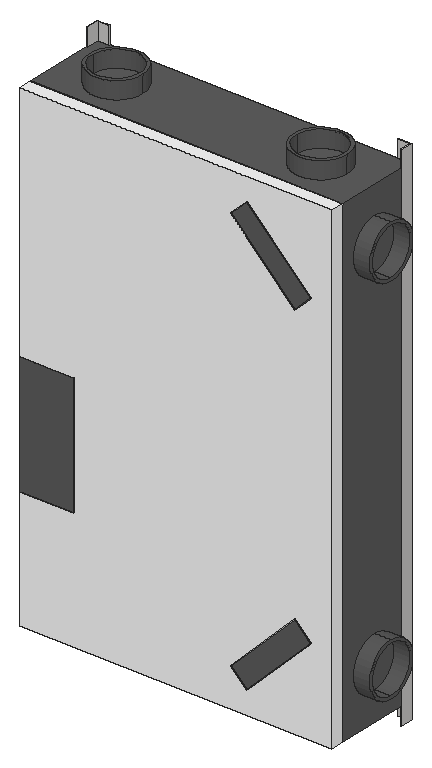
Revit family "result", category Mechanical Equipment, Revit 2022
Family settings
  Round Connector Dimension = Use Radius
  Part Type = Normal
  OmniClass Number = 23.75.00.00
  OmniClass Title = Climate Control (HVAC)
  Work Plane-Based = No
  Always vertical = Yes
  Cut with Voids When Loaded = No
  Maintain Annotation Orientation = No
  Shared = No
  Room Calculation Point = No
Parameters (values of type "-1-ALTAIR 120 H RE  - Heat Recovery Units")
  spRevision = ""
  spPosicion = ""
  spLineaProyectoURL = ""
  spDescripcionProductoEasyvent = ""
  spDescripcionComercialProducto = ""
  spConfiguracionProductoGenerico = ""
  WrappingMaterial = "0"
  WheelTipSpeed = "0"
  WaterConsumptionPerUnit = 0
  Unit = ""
  Throw Distance Medium Velocity = "0"
  Throw Distance Low Velocity = 0 mm
  Throw Distance High Velocity = 0 mm
  SpecialInstructions = ""
  ShaftPowerRate = 0 W
  ResourceDepletionPerUnit = 0
  RadioactiveWastePerUnit = 0
  RadioactiveWaste = 0
  PowerFactor = 0.00%
  PointOfContact = "0"
  OverallEfficiency = "0"
  OperationalCriteria = "0"
  OperationTemperatureRange = "0"
  NonHazardousWastePerUnit = 0
  NonHazardousWaste = 0
  NominalFrequencyRange = 0 Hz
  MotorDriveType = ""
  ModelLabel = "0"
  MeanTimeBetweenFailure = "0"
  MaterialHousing C = Plastic, Formed Black
  MaintenanceUnit = "0"
  MaintenanceTask = "0"
  MaintenanceSpecifications = "0"
  MaintenanceRegulation = "0"
  MaintenanceFrequency = "0"
  MaintenanceCost = 0
  MaintenanceCertificate = "0"
  LifeCyclePhase = "0"
  InertWastePerUnit = 0
  InertWaste = 0
  HazardousWastePerUnit = 0
  HazardousWaste = 0
  FunctionalUnitReference = ""
  FanPowerRate = 0 W
  FanMountingType = ""
  FanEfficiency = "0"
  ExpectedServiceLife = "0"
  Exclusions = "0"
  EfficiencyCurve = "0"
  DischargeVelocity = 0.0 m/s
  DischargeType = ""
  Default Elevation = 0 mm
  CapacityControlType = ""
  BatchReference = ""
  BIMElementVersion = "1.0"
  Uniclass2.0Titulo = ""
  Uniclass2.0Codigo = ""
  UNSPSCTitulo = "Fans"  # constant formula
  UNSPSCCodigo = "40101604"  # constant formula
  PackingCareType = "0"
  ContactTelephone = "0"
  DrivePowerLoss = 0 W
  PJ = 78 mm
  PII = 170 mm
  PH = 30 mm
  PG = 850 mm
  PCUT_INT2 = PD - 10 mm  # 84 mm
  OmniclassTitulo = "Fans"  # constant formula
  OmniclassCodigo = "23-33 31 19"  # constant formula
  SerialNumber = "0"
  NumeroArticuloGlobalComercial = ""
  AssemblyPlace = "0"
  ArticleNumber = "0"
  Support Bracket Material = Steel, Galvanized
  Material Conector Bornes = Plastic, Formed white
  MaterialHousing B = Steel, Galvanized painted black
  Material Carcasa = Steel, Galvanized painted white
  MasterformatTitulo = "Heating, Ventilating, and Air Conditioning (HVAC)"  # constant formula
  MasterformatCodigo = "23 00 00"  # constant formula
  IndiceFlujoNominal = 0.0 L/s
  IFCClassification = "Fans"  # constant formula
  IsExtendedWarranty = no
  PhotochemicalOzoneFormationPerUnit = 0
  PhotochemicalOzoneFormation = 0
  InstallationDate = "0"
  WarrantyStartDate = "0"
  WarrantyEndDate = "0"
  AssessmentDate = "0"
  BIMElementIssueDate = "2025-07-10"
  EutrophicationPerUnit = 0
  Eutrophication = 0
  RenewableEnergyConsumptionPerUnit = 0
  RenewableEnergyConsumption = 0
  TotalPrimaryEnergyConsumptionPerUnit = 0
  TotalPrimaryEnergyConsumption = 0
  NonRenewableEnergyConsumptionPerUnit = 0
  NonRenewableEnergyConsumption = 0
  ServiceLifeDuration = "0"
  Dimension 2 = if(PB > 799 mm, 1 = 1, 1 = 0)  # no
  Dimension 1 = if(PB < 800 mm, 1 = 1, 1 = 0)  # yes
  StratosphericOzoneLayerDestructionPerUnit = 0
  StratosphericOzoneLayerDestruction = 0
  AssessmentDescription = "0"
  WarrantyContent = "0"
  AssessmentCondition = "0"
  BarCode = ""
  ClimateChangePerUnit = 0
  ClimateChange = 0
  COBieCategory = "0"
  ProductionYear = "0"
  spTamañoVentilador = 0 mm
  spReferencia = ""
  spPresionSonoraRadiado = ""
  spPresionSonoraDescarga = ""
  spPresionSonoraAspiracion = ""
  spPotenciaUtil_Solucion = 0 W
  spPotenciaSonoraRadiado = ""
  spPotenciaSonoraDescarga = ""
  spPotenciaSonoraAspiracion = ""
  spPotenciaEspecifico_Solucion = ""
  spPotenciaElectrica_Solucion = 0 W
  spNombreProyecto = ""
  spIntensidadMaximaAbsorbida = 0 A
  spIdProyecto = ""
  spDistanciaSonora = ""
  spDO1 = PD  # 94 mm
  spDI1 = PD  # 94 mm
  spCodigoProductoEasyvent = ""
  spCodigoComercialProducto = ""
  spClaseMotor = ""
  spCantidadTotalProducto = ""
  spCantidadProducto = ""
  FanRotationSpeed = ""
  VelocidadRotacionNominal = ""
  URLProducto = ""
  URL = "https://www.solerpalau.com/"
  HasProtectiveEarth = yes
  TensionNominal = 0 V
  ContactReference = ""
  Reference = ""
  Connector Radius 2 = spDO1 / 2  # 47 mm
  Connector Radius 1 = spDI1 / 2  # 47 mm
  PresionTotalNominal = 0.0 Pa
  PresionEstaticaNominal = 0.0 Pa
  PresionDinamica = 0.0 Pa
  MotorPosition = ""
  CoilPosition = ""
  PesoBruto = 0.00 kg
  DischargePressureLoss = 0.0 Pa
  PF = 660 mm
  PE = 30 mm
  PD = 94 mm
  PCUT_INT = PD - 10 mm  # 84 mm
  PC = 550 mm
  PB = 360 mm
  PA = 77 mm
  NumeroPolos = 1
  Model = "0"
  Arrangement = "0"
  ContainerMaterial = "0"
  IndicePotenciaNominal = 0 W
  Type Image = <None>
  ConductorFunction = "0"
  BIMElementExpiryDate = "0"
  ResourceDepletion = 0
  Manufacturer = "ELEKTRODESIGN VENTILATORY, SPOL.S.R.O."
  ContactEmail = "0"
  DirectionOfRotation = "0"
  DischargePosition = "0"
  DiametroImpulsor = 0 mm
  Description = "Mechanical Ventilation Heat Recovery Unit with a high-efficiency heat exchanger to provide a constant supply of fresh tempered air into the living spaces.The incorporated intelligent humidity tracking control as standard, constantly monitor the humidity level, meaning no user intervention required.As humidity rises and falls, the motor speed adjusts in direct correlation.This controls IAQ quietly and efficiently, reducing the periods of time when the system operates on maximum speed, saving energy.Our constant flow technology delivers the required airflow at all times. The ultra compact design allows installation of the unit vertically on the wall.ALTAIR is equipped with high efficieny G4 filters for supply and extract.The included remote controller, allows the user to select the working mode of the unit (manual or automatic) and indicates when the filter needs replacing.It is advisable to use LAF silencers (accessory not included):&nbsp;LAF 95 for the ALTAIR-120 model.The ALTAIR unit can communicate with the home automation system via Modbus or other gateway protocols.By means of the SPCM Lite M communications board, the ALTAIR unit communicates with the CONNECTAIR platform, which allows it to be remotely controlled.Features- Counterflow heat exchanger with efficiency up to 88%.- Low consumption EC motor.- Centrifugal fans with forward bladed impeller.- Modbus connection.- EPP body.- 4 inlets Ø100 mm (ALTAIR 120).- Delivery filter:&nbsp;G4 (ISO coarse 65%).&nbsp;Optional M5 (ISO ePM10 50%).&nbsp;Extraction filter G4 (ISO coarse 65%)."
  SoundCurve = "0"
  PressureCurve = "0"
  CorrienteNominal = 0 A
  Type Comments = ""
  Codigo_IP = ""
  InsulationStandardClass = "0"
  Autor = "Bimetica Parametric Design Services, S.L."  # constant formula
  AplicacionDeVentilador = ""
  WaterConsumption = 0
  AtmosphericAcidificationPerUnit = 0
  AtmosphericAcidification = 0
  AcquisitionDate = "0"
Reference planes
  plane 1 "Centro (Frontal/Posterior)": y = 0
  plane 2: z = 0
  plane 3 "Centro (Izquierda/Derecha)": x = 0
  plane 4 "Ventilador": z = 455
  plane 5: z = 30
  plane 6: z = 880
  plane 7: z = 785
  plane 8: z = 125
  plane 9: z = 910
  plane 10: x = 275
  plane 11: x = -275
  plane 12: x = 180
  plane 13: x = -180
  plane 14: x = 305
  plane 15: x = -305
  plane 16: y = -170
  plane 17: y = -77
  plane 18: y = -78
  plane 19: y = -30
  plane 20: y = -124
Forms (mm)
  Extrusion 1, solid, material "Steel, Galvanized painted white" <- "Material Carcasa"
    sketch origin (0, 0, 455) x (1, 0, 0) y (0, 1, 0)
      loop
        line (-275, -170) -> (275, -170) -> (275, -147) -> (-275, -147) -> (-275, -170)
    from -425 to 425
  Extrusion 2, solid, material "Steel, Galvanized painted black" <- "MaterialHousing B"
    sketch origin (0, 0, 455) x (1, 0, 0) y (0, 1, 0)
      loop
        line (-275, -147) -> (275, -147) -> (275, 0) -> (-275, 0) -> (-275, -147)
    from -425 to 425
  Extrusion 3, solid, material "Plastic, Formed Black" <- "MaterialHousing C"
    sketch origin (0, 0, 455) x (1, 0, 0) y (0, 1, 0)
      loop
        circle (-180, -77) r 47
      loop
        circle (-180, -77) r 42
      loop
        circle (180, -77) r 47
      loop
        circle (180, -77) r 42
    from 425 to 455
  Extrusion 4, solid, material "Plastic, Formed Black" <- "MaterialHousing C"
    sketch origin (0, 0, 455) x (1, 0, 0) y (0, 1, 0)
      loop
        circle (-180, -77) r 47
      loop
        circle (-180, -77) r 42
      loop
        circle (180, -77) r 47
      loop
        circle (180, -77) r 42
    from -455 to -425
  Extrusion 5, solid, material "Plastic, Formed Black" <- "MaterialHousing C"
    sketch origin (0, 0, 164) x (0, 0, 1) y (0, -1, 0)
      loop
        circle (621, 78) r 47
      loop
        circle (621, 78) r 42
      loop
        circle (-39, 78) r 47
      loop
        circle (-39, 78) r 42
    from -305 to -275
  Extrusion 6, solid, material "Plastic, Formed Black" <- "MaterialHousing C"
    sketch origin (0, 0, 164) x (0, 0, 1) y (0, 1, 0)
      loop
        circle (621, -78) r 47
      loop
        circle (621, -78) r 42
      loop
        circle (-39, -78) r 47
      loop
        circle (-39, -78) r 42
    from -305 to -275
  Extrusion 7, void
    sketch origin (0, 0, 164) x (0, 0, 1) y (-1, 0, 0)
      loop
        line (291, 275) -> (78.5, 275) -> (78.5, 180) -> (291, 180) -> (291, 275)
      loop
        line (648.246, -96.185) -> (535.109, -209.322) -> (563.393, -237.607) -> (676.53, -124.47) -> (648.246, -96.185)
      loop
        line (18.607, -237.607) -> (46.891, -209.322) -> (-66.246, -96.185) -> (-94.53, -124.47) -> (18.607, -237.607)
    from 124 to 170
  Extrusion 8, solid, material "Steel, Galvanized painted black" <- "MaterialHousing B"
    sketch origin (0, 0, 164) x (0, 0, 1) y (-1, 0, 0)
      loop
        line (291, 275) -> (78.5, 275) -> (78.5, 180) -> (291, 180) -> (291, 275)
      loop
        line (676.53, -124.47) -> (648.246, -96.185) -> (535.109, -209.322) -> (563.393, -237.607) -> (676.53, -124.47)
      loop
        line (-94.53, -124.47) -> (18.607, -237.607) -> (46.891, -209.322) -> (-66.246, -96.185) -> (-94.53, -124.47)
    from 124 to 170
  Extrusion 9, solid, material "Steel, Galvanized" <- "Support Bracket Material"
    sketch origin (0, 0, 455) x (1, 0, 0) y (0, 1, 0)
      loop
        line (-275, -20) -> (-275, 0) -> (-255, 0) -> (-255, 1.96) -> (-277, 1.96) -> (-277, -20) -> (-275, -20)
      loop
        line (275, -20) -> (277, -20) -> (277, 1.96) -> (255, 1.96) -> (255, 0) -> (275, 0) -> (275, -20)
    from -455 to 455
  Extrusion 10, void
    sketch origin (0, 0, 164) x (0, 0, 1) y (0, -1, 0)
      loop
        circle (238.433, 147) r 15
      loop
        circle (133.433, 147) r 15
      loop
        circle (185.933, 147) r 15
    from -275 to -180
  Extrusion 11, solid, material "Plastic, Formed white" <- "Material Conector Bornes"
    sketch origin (0, 0, 164) x (0, 0, 1) y (0, -1, 0)
      loop
        circle (238.433, 147) r 15
      loop
        circle (133.433, 147) r 15
      loop
        circle (185.933, 147) r 15
    from -275 to -180
Cuts and joins
  Extrusion 7, Extrusion 10 cuts Extrusion 1
  Extrusion 7, Extrusion 10 cuts Extrusion 2
  Extrusion 10 cuts Extrusion 8
Dimensions and locks
  "PH": plane 5 to plane 2
  equal spacing: plane 6, plane 4 "Ventilador", plane 5
  "PG": plane 6 to plane 5
  equal spacing: plane 7, plane 4 "Ventilador", plane 8
  "PF": plane 7 to plane 8
  "PH": plane 9 to plane 6
  equal spacing: plane 10, plane 3 "Centro (Izquierda/Derecha)", plane 11
  "PC": plane 11 to plane 10
  equal spacing: plane 12, plane 3 "Centro (Izquierda/Derecha)", plane 13
  "PB": plane 13 to plane 12
  "PE": plane 14 to plane 10
  "PE": plane 15 to plane 11
  "PII": plane 16 to plane 1 "Centro (Frontal/Posterior)"
  "PA": plane 17 to plane 1 "Centro (Frontal/Posterior)"
  "PJ": plane 18 to plane 1 "Centro (Frontal/Posterior)"
  equal spacing: plane 20, plane 17, plane 19
  "PD": plane 20 to plane 19
  equal spacing: plane 16, Extrusion 1 sketch curve, plane 20
  equal spacing: plane 4 "Ventilador", Extrusion 7 sketch curve, plane 5
  Extrusion 8 sketch curve to Extrusion 8 sketch curve to plane 7 to Extrusion 8 sketch curve to Extrusion 8 sketch curve = 28.284 mm locked, 27.246 mm locked, 57.607 mm locked, 28.284 mm locked
  Extrusion 8 sketch curve to Extrusion 8 sketch curve to plane 12 to Extrusion 8 sketch curve to Extrusion 8 sketch curve = 28.284 mm locked, 29.322 mm locked, 55.53 mm locked, 28.284 mm locked  (x2)
  Extrusion 8 sketch curve to Extrusion 8 sketch curve to plane 8 to Extrusion 8 sketch curve to Extrusion 8 sketch curve = 28.284 mm locked, 27.246 mm locked, 57.607 mm locked, 28.284 mm locked
  Extrusion 9 sketch curve to plane 11 to Extrusion 9 sketch curve = 2 mm locked, 20 mm locked
  Extrusion 9 sketch curve to plane 1 "Centro (Frontal/Posterior)" to Extrusion 9 sketch curve = 20 mm locked, 1.96 mm locked  (x2)
  Extrusion 9 sketch curve to plane 10 to Extrusion 9 sketch curve = 20 mm locked, 2 mm locked
  locked: plane 4 "Ventilador" to Extrusion 10 sketch curve at 52.567
  locked: Extrusion 8 to Extrusion 10 sketch curve at 54.933
  locked: Extrusion 10 sketch curve to plane 16 at 23  (x3)
  equal spacing: Extrusion 10 sketch curve, Extrusion 10 sketch curve, Extrusion 10 sketch curve
  "spDI1": diameter of Extrusion 3 sketch curve
  "PCUT_INT": diameter of Extrusion 3 sketch curve
  "spDO1": diameter of Extrusion 3 sketch curve
  "PCUT_INT2": diameter of Extrusion 3 sketch curve
  "spDO1": diameter of Extrusion 4 sketch curve
  "PCUT_INT2": diameter of Extrusion 4 sketch curve
  "spDI1": diameter of Extrusion 4 sketch curve
  "PCUT_INT": diameter of Extrusion 4 sketch curve
  "spDO1": diameter of Extrusion 5 sketch curve
  "PCUT_INT2": diameter of Extrusion 5 sketch curve
  "spDI1": diameter of Extrusion 5 sketch curve
  "PCUT_INT": diameter of Extrusion 5 sketch curve
  "spDI1": diameter of Extrusion 6 sketch curve
  "PCUT_INT": diameter of Extrusion 6 sketch curve
  "spDO1": diameter of Extrusion 6 sketch curve
  "PCUT_INT2": diameter of Extrusion 6 sketch curve
  aligned and locked: level to plane 2
  aligned and locked: plane 11 to Extrusion 1 sketch curve
  aligned and locked: plane 16 to Extrusion 1 sketch curve
  aligned and locked: plane 10 to Extrusion 1 sketch curve
  aligned and locked: plane 6 to Extrusion 1
  aligned and locked: Extrusion 1 to plane 5
  aligned and locked: Extrusion 2 sketch curve to Extrusion 1  (x2)
  aligned and locked: Extrusion 2 sketch curve to plane 1 "Centro (Frontal/Posterior)"
  aligned and locked: plane 10 to Extrusion 2 sketch curve
  aligned and locked: plane 6 to Extrusion 2
  aligned and locked: Extrusion 2 to plane 5
  aligned and locked: plane 13 to Extrusion 3 sketch curve  (x2)
  aligned and locked: plane 17 to Extrusion 3 sketch curve  (x3)
  aligned and locked: plane 12 to Extrusion 3 sketch curve
  aligned and locked: plane 9 to Extrusion 3
  aligned and locked: Extrusion 3 to plane 6
  aligned and locked: plane 13 to Extrusion 4 sketch curve
  aligned and locked: plane 17 to Extrusion 4 sketch curve  (x2)
  aligned and locked: plane 12 to Extrusion 4 sketch curve
  aligned and locked: plane 5 to Extrusion 4
  aligned and locked: Extrusion 4 to plane 2
  aligned and locked: plane 7 to Extrusion 5 sketch curve
  aligned and locked: plane 18 to Extrusion 5 sketch curve  (x2)
  aligned and locked: plane 8 to Extrusion 5 sketch curve
  aligned and locked: Extrusion 5 to plane 11
  aligned and locked: plane 15 to Extrusion 5
  aligned and locked: plane 14 to Extrusion 6
  aligned and locked: Extrusion 6 to plane 10
  aligned and locked: Extrusion 7 sketch curve to plane 4 "Ventilador"
  aligned and locked: plane 13 to Extrusion 7 sketch curve
  aligned and locked: Extrusion 7 sketch curve to plane 11
  aligned and locked: plane 20 to Extrusion 7
  aligned and locked: plane 16 to Extrusion 7
  aligned and locked: plane 20 to Extrusion 8
  aligned and locked: plane 16 to Extrusion 8
  aligned and locked: Extrusion 7 sketch curve to Extrusion 8  (x8)
  aligned and locked: Extrusion 9 sketch curve to plane 11
  aligned and locked: plane 1 "Centro (Frontal/Posterior)" to Extrusion 9 sketch curve
  aligned and locked: plane 9 to Extrusion 9
  aligned and locked: Extrusion 9 to plane 2
  aligned and locked: Extrusion 7 to Extrusion 10
  aligned and locked: plane 11 to Extrusion 10
  aligned and locked: Extrusion 11 sketch curve to cut or joined group of Extrusion 8, Extrusion 10  (x6)
  aligned and locked: plane 11 to Extrusion 11
  aligned and locked: Extrusion 11 to plane 13
Automatic sketch dimensions
  plane 13 to Extrusion 8 sketch curve = 0 mm
  plane 11 to Extrusion 8 sketch curve = 0 mm
  Extrusion 8 sketch curve to plane 4 "Ventilador" = 0 mm
  Extrusion 8 sketch curve to plane 8 = 117.5 mm
  plane 1 "Centro (Frontal/Posterior)" to Extrusion 9 sketch curve = 0 mm
  Extrusion 9 sketch curve to plane 10 = 0 mm
  Extrusion 3 sketch curve to Extrusion 3 sketch curve = 0 mm  (x2)
  Extrusion 4 sketch curve to Extrusion 4 sketch curve = 0 mm  (x4)
  Extrusion 5 sketch curve to Extrusion 5 sketch curve = 0 mm  (x4)
  Extrusion 6 sketch curve to Extrusion 6 sketch curve = 0 mm  (x4)
  plane 8 to Extrusion 6 sketch curve = 0 mm
  Extrusion 6 sketch curve to plane 7 = 0 mm
  Extrusion 6 sketch curve to plane 18 = 0 mm  (x2)
  radius of Extrusion 10 sketch curve = 15 mm  (x3)
Connectors
  hvac at (-180, -77, 910), driven by "IndiceFlujoNominal", driven by "Connector Radius 1"
    settings: on Extrusion 3, index 1, duct flow 0.0 L/s, flow factor 0, pres drop 0.0 Pa, loss coef 0, conn angle 0.00°, conn width 304.8 mm, conn height 304.8 mm, conn diameter 94 mm, duct sys type 1, conn prof type 0, flow config 0, flow direction 2, loss method 0, conn ref index -1, conn util no, is conn primary yes, conn desc "PDI1"
  hvac at (180, -77, 910), driven by "IndiceFlujoNominal", driven by "Connector Radius 1"
    settings: on Extrusion 3, index 2, duct flow 0.0 L/s, flow factor 0, pres drop 0.0 Pa, loss coef 0, conn angle 0.00°, conn width 304.8 mm, conn height 304.8 mm, conn diameter 94 mm, duct sys type 1, conn prof type 0, flow config 0, flow direction 2, loss method 0, conn ref index -1, conn util no, is conn primary no, conn desc "PDO1"
  hvac at (-305, -78, 785), driven by "IndiceFlujoNominal", driven by "Connector Radius 2"
    settings: on Extrusion 5, index 3, duct flow 0.0 L/s, flow factor 0, pres drop 0.0 Pa, loss coef 0, conn angle 0.00°, conn width 304.8 mm, conn height 304.8 mm, conn diameter 94 mm, duct sys type 1, conn prof type 0, flow config 0, flow direction 1, loss method 0, conn ref index -1, conn util no, is conn primary no, conn desc "PDO1"
  hvac at (-305, -78, 125), driven by "IndiceFlujoNominal", driven by "Connector Radius 2"
    settings: on Extrusion 5, index 4, duct flow 0.0 L/s, flow factor 0, pres drop 0.0 Pa, loss coef 0, conn angle 0.00°, conn width 304.8 mm, conn height 304.8 mm, conn diameter 94 mm, duct sys type 1, conn prof type 0, flow config 0, flow direction 1, loss method 0, conn ref index -1, conn util no, is conn primary no, conn desc "PDI1"
  hvac at (-180, -77, 0), driven by "Connector Radius 2"
    settings: on Extrusion 4, index 5, duct flow 0.0 L/s, flow factor 0, pres drop 0.0 Pa, loss coef 0, conn angle 0.00°, conn width 304.8 mm, conn height 304.8 mm, conn diameter 94 mm, duct sys type 1, conn prof type 0, flow config 0, flow direction 1, loss method 0, conn ref index -1, conn util no, is conn primary no, conn desc "PDO1"
  hvac at (180, -77, 0), driven by "IndiceFlujoNominal", driven by "Connector Radius 2"
    settings: on Extrusion 4, index 6, duct flow 0.0 L/s, flow factor 0, pres drop 0.0 Pa, loss coef 0, conn angle 0.00°, conn width 304.8 mm, conn height 304.8 mm, conn diameter 94 mm, duct sys type 1, conn prof type 0, flow config 0, flow direction 1, loss method 0, conn ref index -1, conn util no, is conn primary no, conn desc "PDI1"
  hvac at (305, -78, 785), driven by "IndiceFlujoNominal", driven by "Connector Radius 1"
    settings: on Extrusion 6, index 7, duct flow 0.0 L/s, flow factor 0, pres drop 0.0 Pa, loss coef 0, conn angle 0.00°, conn width 304.8 mm, conn height 304.8 mm, conn diameter 94 mm, duct sys type 1, conn prof type 0, flow config 0, flow direction 2, loss method 0, conn ref index -1, conn util no, is conn primary no, conn desc "PDI1"
  hvac at (305, -78, 125), driven by "IndiceFlujoNominal", driven by "Connector Radius 1"
    settings: on Extrusion 6, index 8, duct flow 0.0 L/s, flow factor 0, pres drop 0.0 Pa, loss coef 0, conn angle 0.00°, conn width 304.8 mm, conn height 304.8 mm, conn diameter 94 mm, duct sys type 1, conn prof type 0, flow config 0, flow direction 2, loss method 0, conn ref index -1, conn util no, is conn primary no, conn desc "PDO1"
  electrical at (-275, -147, 402.433), driven by "NumeroPolos", driven by "TensionNominal", driven by "IndicePotenciaNominal"
    settings: on cut or joined group of Extrusion 8, Extrusion 10, index 9, voltage 0 V, apparent load 0 VA, apparent load phase1 0 VA, apparent load phase2 0 VA, apparent load phase3 0 VA, power factor 1, load classification "Climatización", number of poles 1, system type 30, power factor state 1, is connector primary yes, connector utility no, sub classification motor no, connector description "Electric Connector"
